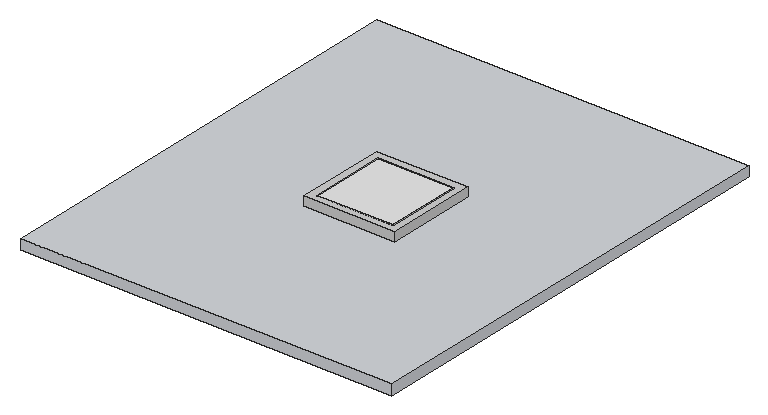
Revit family "Zumtobel CLEAN II", category Lighting Fixtures, host Face, Revit 2018
Family settings
  Host = Face
  Round Connector Dimension = Use Diameter
  Part Type = Normal
  OmniClass Number = 23.80.70.11
  OmniClass Title = Luminaries for Internal Lighting
  Cut with Voids When Loaded = No
  Light Source = Yes
  Shared = No
  Room Calculation Point = No
Parameters (values of type "CL2 S 6600-840 M600Q SG MP LDO")
  Width = 598.00 mm
  Wattage = 47.9167 W
  built-in parameter 1150110 = 1 (stored number, unit not read)
  Voltage = 230 V
  URL = "http://www.zumtobel.com/42186912"
  Type Comments = "© Zumtobel. We reserve the right to make technical changes without prior notice."  # constant formula
  built-in parameter 1114217 = 1 (stored number, unit not read)
  Top Offset = if(Recessed, 0.00 mm, Height)  # 105.00 mm
  Tilt Angle = 90.00°
  built-in parameter 1150109 = 1 (stored number, unit not read)
  built-in parameter 1150134 = 12
  Surface Mount = yes
  built-in parameter 1150113 = 1 (stored number, unit not read)
  Recessed = not(Surface Mount)  # no
  Photometric Web File = "42186912_(STD_LEO).IES"
  Offset = if(Recessed, 0.00 mm, 100.00 mm)  # 100.00 mm
  Model = "42186912"
  Manufacturer = "Zumtobel Lighting"  # constant formula
  built-in parameter 1150105 = 366.06 (stored number, unit not read)
  Lumens = 4600 lm
  built-in parameter 1150115 = 1 (stored number, unit not read)
  built-in parameter 1150137 = (empty or 0)
  built-in parameter 1150139 = (empty or 0)
  Length = 598.00 mm
  built-in parameter 1150112 = 1 (stored number, unit not read)
  built-in parameter 1150114 = 1 (stored number, unit not read)
  Lamp = "LED"
  built-in parameter 1150132 = 2
  built-in parameter 1150102 = (empty or 0)
  built-in parameter 1150107 = 4000 (stored number, unit not read)
  built-in parameter 1150138 = (empty or 0)
  built-in parameter 1150106 = 3.6606 (stored number, unit not read)
  Height = 105.00 mm
  Emit from Rectangle Width = Length - 20.00 mm  # 578.00 mm
  Emit from Rectangle Length = Width - 20.00 mm  # 578.00 mm
  Emit Shape Visible in Rendering = yes
  built-in parameter 1150104 = 8.9187 (stored number, unit not read)
  Dimming Lamp Color Temperature Shift = <None>
  Description = if(Surface Mount, "Surface mount luminaire", "Recessed Luminaire")  # "Surface mount luminaire"
  Cover = ZG_PMMA_Self_llumination_Opaque
  Color Filter = 16777215
  Body = ZGl_Metal_Aluminium
  built-in parameter 1114218 = 1 (stored number, unit not read)
  built-in parameter 1150133 = 10 (stored number, unit not read)
  Apparent Load = 39.8 VA
  Default Elevation = 0.00 mm
  Assembly Code = "D5020200"
Reference planes
  plane 1 "Top": z = 0
  plane 2 "Center (Left/Right)": x = 0
  plane 3 "Center (Front/Back)": y = -11.001
  plane 4 "Back": y = 287.999
  plane 5 "Front": y = -310.001
  plane 6: x = -299
  plane 7 "Back Cover": z = -100
  plane 8: z = 5
  plane 9: x = 299
  plane 10: x = -289
  plane 11 "Bottom": z = -75
  plane 12: x = -249
  plane 13: x = 249
  plane 14: y = 237.999
  plane 15: y = -260.001
  plane 16 "Surface Mount Top": z = 0
  plane 17 "Surface Mount Bottom": z = -80
  plane 18 "Light Shape": z = 0
  plane 19: y = 277.999
  plane 20: x = 289
  plane 21: y = -300.001
  plane 22: z = 2.5
  plane 23: z = 100
  plane 24: z = 0
  plane 25: z = 105
Forms (mm)
  Extrusion 1, solid
    sketch origin (0, 0, 0) x (1, 0, 0) y (0, 1, 0)
      loop
        line (-1219.2, 1439.2) -> (-1219.2, -1480.8) -> (1219.2, -1480.8) -> (1219.2, 1439.2) -> (-1219.2, 1439.2)
    from 0 to -66.193
  Sweep 2, solid, material "ZGl_Metal_Aluminium" <- "Body", visible <- "Recessed", detail levels medium+fine
    path origin (0, 0, 0) x (1, 0, 0) y (0, 1, 0)
      loop
        line (-299, 287.999) -> (-299, -310.001) -> (299, -310.001) -> (299, 287.999) -> (-299, 287.999)
    profile "Profile_Clean_II : Profile_Clean_II" origin (-299, -11.001, 0) x (1, 0, 0) y (0, 0, 1)
      loop
        line (20, 0) -> (24.307, -5.315) -> (28.943, -5.315) -> (28.943, -8.316) -> (17.853, -27.524) -> (42.943, -27.524) -> (42.943, -75) -> (50, -75) -> (50, 2.5) -> (10, 2.5) -> (10, 5) -> (0, 5) -> (0, 0) -> (20, 0)
  Extrusion 3, void
    sketch origin (0, 0, 0) x (1, 0, 0) y (0, 1, 0)
      loop
        line (-289, 277.999) -> (-289, -300.001) -> (289, -300.001) -> (289, 277.999) -> (-289, 277.999)
    from 0 to 100
  Extrusion 4, solid, material "ZGl_Metal_Aluminium" <- "Body", visible <- "Recessed", detail levels medium+fine
    sketch origin (0, 0, 0) x (1, 0, 0) y (0, 1, 0)
      loop
        line (-249, 237.999) -> (-249, -260.001) -> (249, -260.001) -> (249, 237.999) -> (-249, 237.999)
    from 0 to 2.5
  Extrusion 5, solid, material "ZGl_Metal_Aluminium" <- "Body", visible <- "Recessed", detail levels medium+fine
    sketch origin (0, 0, -75) x (-1, 0, 0) y (0, -1, 0)
      loop
        line (249, -237.999) -> (249, 260.001) -> (-249, 260.001) -> (-249, -237.999) -> (249, -237.999)
    from 0 to 5
  Extrusion 6, solid, material "ZGl_Metal_Aluminium" <- "Body", visible <- "Surface Mount"
    sketch origin (0, 0, 0) x (1, 0, 0) y (0, 1, 0)
      loop
        line (-299, 287.999) -> (-299, -310.001) -> (299, -310.001) -> (299, 287.999) -> (-299, 287.999)
      loop
        line (249, 237.999) -> (-249, 237.999) -> (-249, -260.001) -> (249, -260.001) -> (249, 237.999)
    from 0 to 57
  Extrusion 7, solid, material "ZGl_Metal_Aluminium" <- "Body", visible <- "Surface Mount"
    sketch origin (0, 0, 0) x (1, 0, 0) y (0, 1, 0)
      loop
        line (249, 237.999) -> (-249, 237.999) -> (-249, -260.001) -> (249, -260.001) -> (249, 237.999)
    from 0 to 57
Cuts and joins
  joined: Sweep 2, Extrusion 4, Extrusion 5
Lines and regions (mm)
  symbolic lines, style "Zumtobel Lighting", detail levels coarse
    curve 1: line (-299, 287.999, 0) -> (299, 287.999, 0)
    curve 2: line (-299, -310.001, 0) -> (299, -310.001, 0)
    curve 3: line (299, 287.999, 0) -> (299, -310.001, 0)
    curve 4: line (-299, 287.999, 0) -> (-299, -310.001, 0)
Dimensions and locks
  equal spacing: plane 4 "Back", plane 3 "Center (Front/Back)", plane 5 "Front"
  "Length": plane 4 "Back" to plane 5 "Front"
  equal spacing: plane 6, plane 2 "Center (Left/Right)", plane 9
  "Width": plane 6 to plane 9
  plane 6 to plane 10 to plane 12 = 10.00 mm locked, 40.00 mm locked
  plane 13 to plane 20 to plane 9 = 40.00 mm locked, 10.00 mm locked
  plane 5 "Front" to plane 21 to plane 15 = 10.00 mm locked, 40.00 mm locked
  plane 4 "Back" to plane 19 to plane 14 = 10.00 mm locked, 40.00 mm locked
  plane 8 to plane 22 to plane 1 "Top" = 2.50 mm locked, 2.50 mm locked
  locked: plane 23 to plane 24 at 100
  "Offset": plane 23 to plane 1 "Top"
  "Top Offset": plane 25 to plane 1 "Top"
  aligned and locked: plane 1 "Top" to Extrusion 1
  aligned and locked: level to Extrusion 1
  aligned: imposter light to plane 2 "Center (Left/Right)"
  aligned: imposter light to plane 3 "Center (Front/Back)"
  aligned and locked: curve 1 to plane 4 "Back"
  aligned and locked: plane 5 "Front" to curve 2
  aligned and locked: plane 10 to Extrusion 3 sketch curve
  aligned: plane 8 to Extrusion 3
  aligned and locked: Sweep 2 sketch curve to plane 4 "Back"
  aligned and locked: Sweep 2 sketch curve to plane 6
  aligned and locked: plane 9 to Sweep 2 sketch curve
  aligned and locked: plane 5 "Front" to Sweep 2 sketch curve
  aligned and locked: plane 21 to Extrusion 3 sketch curve
  aligned and locked: plane 20 to Extrusion 3 sketch curve
  aligned and locked: plane 19 to Extrusion 3 sketch curve
  aligned and locked: plane 12 to Extrusion 4 sketch curve
  aligned and locked: plane 14 to Extrusion 4 sketch curve
  aligned and locked: plane 13 to Extrusion 4 sketch curve
  aligned and locked: plane 15 to Extrusion 4 sketch curve
  aligned and locked: plane 22 to Extrusion 4
  aligned and locked: plane 14 to Extrusion 5 sketch curve
  aligned and locked: plane 12 to Extrusion 5 sketch curve
  aligned and locked: plane 15 to Extrusion 5 sketch curve
  aligned and locked: plane 13 to Extrusion 5 sketch curve
  aligned and locked: curve 2 to curve 3
  aligned and locked: plane 23 to Extrusion 3
  aligned and locked: Extrusion 3 to plane 24
  aligned and locked: plane 9 to Extrusion 6 sketch curve
  aligned and locked: Extrusion 6 sketch curve to plane 5 "Front"
  aligned and locked: plane 6 to Extrusion 6 sketch curve
  aligned and locked: Extrusion 6 sketch curve to plane 4 "Back"
  aligned and locked: imposter light to plane 25
  aligned and locked: Extrusion 6 sketch curve to plane 14
  aligned and locked: plane 13 to Extrusion 6 sketch curve
  aligned and locked: plane 15 to Extrusion 6 sketch curve
  aligned and locked: Extrusion 6 sketch curve to plane 12
  aligned and locked: Extrusion 7 sketch curve to plane 14
  aligned and locked: plane 13 to Extrusion 7 sketch curve
  aligned and locked: plane 15 to Extrusion 7 sketch curve
  aligned and locked: Extrusion 7 sketch curve to plane 12
Automatic sketch dimensions
  curve 4 to plane 6 = 0.00 mm
  curve 3 to plane 9 = 0.00 mm
  Extrusion 1 sketch curve to Extrusion 1 sketch curve = 2438.40 mm
  Extrusion 1 sketch curve to Extrusion 1 sketch curve = 2920.00 mm
Connectors
  electrical at (0, -11.001, -75), driven by "Voltage", driven by "Apparent Load"
    settings: on cut or joined group of Sweep 2, Extrusion 4, Extrusion 5, index 1, voltage 230 V, apparent load 0 VA, apparent load phase1 39.8 VA, apparent load phase2 0 VA, apparent load phase3 0 VA, power factor 1, load classification "Lighting", number of poles 1, system type 31, power factor state 1, is connector primary yes, connector utility no, sub classification motor no, connector description "Power"
